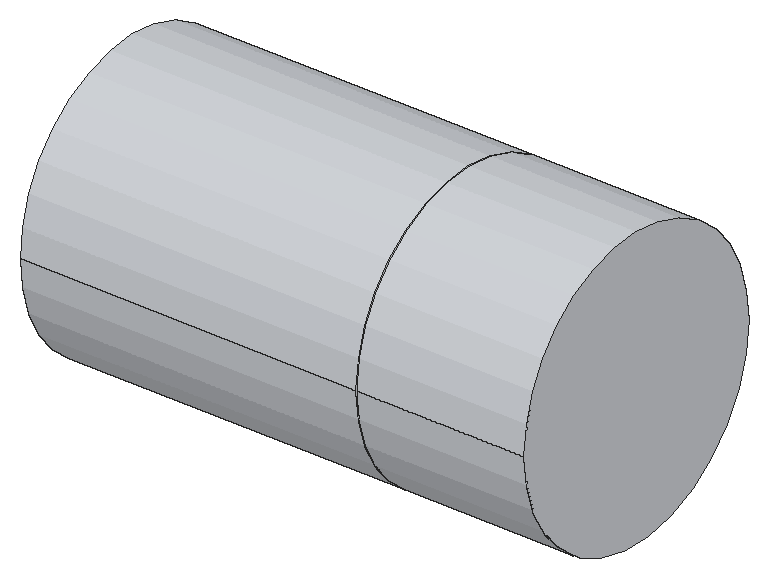
Revit family "6f8f7221ec9b416e8702e7cc11a9a58e", category Duct Fittings, Revit 2021
Family settings
  Round Connector Dimension = Use Radius
  Part Type = Tap - Adjustable
  OmniClass Number = 23.75.70.14
  OmniClass Title = Air Ductwork
  Seek Item ID = Round Takeoff - DTL-0000-USA-ENU
  Work Plane-Based = No
  Always vertical = Yes
  Cut with Voids When Loaded = No
  Shared = No
Parameters (values of type "Standard")
  built-in parameter 1114214 [instance] = 1' - 0"
  built-in parameter 1114213 [instance] = 0' - 6"
  built-in parameter 1114215 [instance] = if(Diameter > 1' 4", Diameter * 0.25, 0' 4")  # 0.33333 (stored number, unit not read)
  Diameter [instance] = Radius * 2  # 10"
  Radius [instance] = 5"
  Default Elevation = 0' - 0"
  Assembly Code = ""
Reference planes (in)
  plane 1 "Center (Front/Back)": y = 0
  plane 2: z = 0
  plane 3 "Center (Left/Right)": x = 0
  plane 4: x = -12
  plane 5: x = 6
Forms (in)
  Sweep 1, solid, detail levels medium+fine
    path in 3D
      loop
        line (-12, 0, 0) -> (0, 0, 0)
    profile origin (-6, 0, 0) x (0, 1, 0) y (0, 0, 1)
      loop
        circle (0, 0) r 5
  Sweep 2, solid, detail levels medium+fine
    path in 3D
      loop
        line (0, 0, 0) -> (6, 0, 0)
    profile origin (3, 0, 0) x (0, 1, 0) y (0, 0, 1)
      loop
        circle (0, 0) r 5
Lines and regions (in)
  reference lines
    curve 1: line (-12, 0, 0) -> (0, 0, 0)
  model lines, not visible, detail levels coarse
    curve 2: line (0, 0, 0) -> (6, 0, 0)
  sketch lines
    curve 3: line (-12, 0, 0) -> (0, 0, 0)
    curve 4: line (0, 0, 0) -> (6, 0, 0)
Dimensions and locks (in)
  "built-in parameter 1114214": plane 4 to plane 3 "Center (Left/Right)"
  "built-in parameter 1114213": plane 3 "Center (Left/Right)" to plane 5
  "Radius": radius of Sweep 1 sketch curve
  "Radius": radius of Sweep 2 sketch curve
  aligned and locked: plane 4 to curve 1
  aligned and locked: plane 1 "Center (Front/Back)" to curve 1
  aligned and locked: plane 3 "Center (Left/Right)" to curve 2
  aligned and locked: plane 5 to curve 2
  aligned and locked: plane 1 "Center (Front/Back)" to curve 2
  aligned and locked: plane 2 to Sweep 1 sketch curve
  aligned and locked: profile plane to plane 1 "Center (Front/Back)"  (x2)
  aligned and locked: plane 2 to Sweep 2 sketch curve
Automatic sketch dimensions
  curve 1 to plane 3 "Center (Left/Right)" = 0' - 0"
  Sweep 1 sketch curve to profile plane = 0' - 0"
  Sweep 2 sketch curve to profile plane = 0' - 0"
Connectors (in)
  hvac at (0, 0, 0), driven by "Radius"
    settings: on Sweep 2, index 1, duct flow 0 CFM, flow factor 0, pres drop 0.00 in-wg, loss coef 0, conn angle 0.00°, conn width 12", conn height 12", conn diameter 10", duct sys type 28, conn prof type 0, flow config 0, flow direction 0, loss method 0, conn ref index 2, conn util no, is conn primary yes, conn desc ""
  hvac at (6, 0, 0), driven by "Radius"
    settings: on Sweep 2, index 2, duct flow 0 CFM, flow factor 0, pres drop 0.00 in-wg, loss coef 0, conn angle 0.00°, conn width 12", conn height 12", conn diameter 10", duct sys type 28, conn prof type 0, flow config 0, flow direction 0, loss method 0, conn ref index 1, conn util no, is conn primary no, conn desc ""
